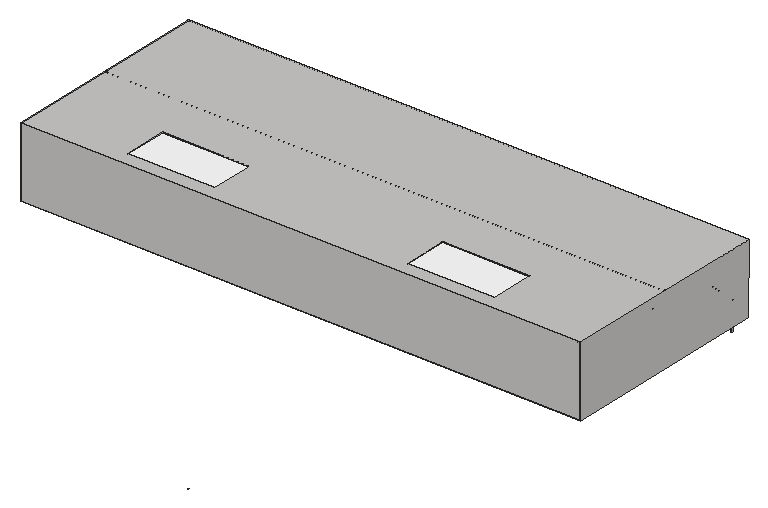
Revit family "QF_ELECTROLUXPROFESSIONAL_640193_EPF1232", category Attrezzature speciali, Revit 2021
Family settings
  Quota connettore circolare = Usa diametro
  Tipo di parte = Normale
  Basato su piano di lavoro = No
  Sempre verticale = Sì
  Taglio con vuoti quando caricato = No
  Condiviso = No
  Punto di calcolo locali = No
Parameters (values of type "Standard")
  Weight = 106.00 kg
  Watts = 0 W
  Volts = 0 V
  URL Manufacturer = "https://www.electroluxprofessional.com/"
  URL = "https://www.electroluxprofessional.com/"
  Steam Supply Size = 0 mm
  Steam Supply Minimum Pressure = 0.0 Pa
  Steam Supply Maximum Pressure = 0.0 Pa
  Steam Consumption per Hour = 0
  Refrigeration Suction Line Size = 0 mm
  Refrigeration Liquid Line Size = 0 mm
  Refrigerant Compressor Remote = yes
  Prospetto di default = 0 mm
  Produttore = "Electrolux Professional"
  Phase = 0
  Modello = "EPF1232"
  Length Actual = 3200 mm  # constant formula
  Item Number = "640193"
  Hot Water Size = 0 mm
  Height Actual = 400 mm  # constant formula
  HP = "0 HP"
  Gas Size = 0 mm
  Gas KW = 0
  Gas Input Pressure = 0 W
  Direct Waste Size = 0 mm
  Descrizione = "304 S/S WALL HOOD+FILTERS 320X120 CM"
  Depth Actual = 1200 mm  # constant formula
  Cycle = 0 Hz
  Condensate Return Size = 0 mm
  Compressed Air Volume = 0.0 L/s
  Compressed Air Size = 0 mm
  Compressed Air Pressure = 0.0 Pa
  Cold Water Size = 0 mm
  Accessory = yes
Reference planes
  plane 1: z = 0
  plane 2 "Center (Left/Right)": x = 150
  plane 3 "LEFT": x = -1450
  plane 4 "RIGHT": x = 1750
  plane 5 "BACK": y = 550
  plane 6 "TOP": z = 2400
  plane 7 "Base": z = 2000
  plane 8: z = 1970
  plane 9 "DrainY": y = 450
  plane 10: x = -1447
  plane 11: y = -320
  plane 12: y = -570
  plane 13 "DrainX": x = 1737
  plane 14 "AOLeft2": x = -400
  plane 15 "AORight1": x = 700
  plane 16: x = 1747
  plane 17: x = -1250
  plane 18: x = 1550
  plane 19 "Center (Front/Back)": y = -50
  plane 20 "Front": y = -650
  plane 21: through (0, -49.6, 2399.19) normal (0, -0.5736, 0.8192)
  plane 22: x = 50
  plane 23: x = 250
  plane 24 "AOLeft1": x = -900
  plane 25 "AORight2": x = 1200
Forms (mm)
  Extrusion 1, solid, material "QF_Finishes_Stainless Steel"
    sketch origin (-1450, 0, 360) x (0, 1, 0) y (0, 0, 1)
      loop
        line (550, 1640) -> (550, 2040) -> (-650, 2040) -> (-650, 1640) -> (550, 1640)
    from 0 to 3
  Extrusion 2, solid, material "QF_Finishes_Stainless Steel"
    sketch origin (1750, 0, 360) x (0, 1, 0) y (0, 0, 1)
      loop
        line (550, 1640) -> (550, 2040) -> (-650, 2040) -> (-650, 1640) -> (550, 1640)
    from 0 to -3
  Extrusion 3, solid, material "QF_Finishes_Stainless Steel"
    sketch origin (150, 0, 360) x (0, 1, 0) y (0, 0, 1)
      loop
        line (-650, 2040) -> (-650, 1640) -> (-640, 1640) -> (-640, 1640.8) -> (-649.2, 1640.8) -> (-649.2, 2039.19) -> (549.2, 2039.19) -> (549.2, 1640.8) -> (540, 1640.8) -> (540, 1640) -> (550, 1640) -> (550, 2040) -> (-650, 2040)
    from -1600 to 1600
  Extrusion 4, solid, material "QF_Finishes_Stainless Steel"
    sketch origin (0, 0, 2000) x (0, 1, 0) y (-1, 0, 0)
      loop
        circle (450, -1737) r 4.763
    from -30 to 0
  Extrusion 5, void
    sketch origin (0, 0, 2400) x (0, 1, 0) y (-1, 0, 0)
      loop
        line (-320, 400) -> (-320, 900) -> (-570, 900) -> (-570, 400) -> (-320, 400)
    from 0 to -10
  Extrusion 6, solid, material "QF_Finishes_Stainless Steel"
    sketch origin (0, 0, 0) x (1, 0, 0) y (0, 1, 0)
      loop
        line (-1450, 550) -> (-1450, 549) -> (-1449, 549) -> (-1449, 550) -> (-1450, 550)
    from 0 to 1
  Extrusion 7, solid, material "QF_Finishes_Stainless Steel"
    sketch origin (150, 0, 360) x (0, 1, 0) y (0, 0, 1)
      loop
        line (-131.515, 1981.832) -> (-134.381, 1985.926) -> (-573.276, 1678.608) -> (-570.553, 1674.415) -> (-131.515, 1981.832)
    from -1400 to -1597
  Extrusion 8, solid, material "QF_Finishes_Stainless Steel"
    sketch origin (150, 0, 360) x (0, 1, 0) y (0, 0, 1)
      loop
        line (-650, 2039.19) -> (-650, 1640) -> (-619.702, 1640) -> (-570.553, 1674.415) -> (-578.723, 1686.995) -> (-579.394, 1686.559) -> (-571.645, 1674.627) -> (-619.955, 1640.8) -> (-649.2, 1640.8) -> (-649.2, 2039.19) -> (-650, 2039.19)
      loop
        line (-49.6, 2039.19) -> (-50.995, 2039.19) -> (-131.319, 1982.947) -> (-139.464, 1994.578) -> (-140.119, 1994.12) -> (-131.515, 1981.832) -> (-49.6, 2039.19)
    from -1597 to 1597
  Extrusion 9, solid, material "QF_Finishes_Stainless Steel"
    sketch origin (150, 0, 360) x (0, 1, 0) y (0, 0, 1)
      loop
        line (-131.515, 1981.832) -> (-134.381, 1985.926) -> (-573.276, 1678.608) -> (-570.553, 1674.415) -> (-131.515, 1981.832)
    from 1597 to 1400
  Extrusion 10, solid, material "QF_Finishes_Stainless Steel"
    sketch origin (150, 0, 360) x (0, 1, 0) y (0, 0, 1)
      loop
        line (-131.515, 1981.832) -> (-134.381, 1985.926) -> (-573.276, 1678.608) -> (-570.553, 1674.415) -> (-131.515, 1981.832)
    from -100 to 100
  Extrusion 11, solid, material "QF_Finished_Chrome"
    sketch origin (150, 0, 360) x (0, 1, 0) y (0, 0, 1)
      loop
        line (-131.515, 1981.832) -> (-134.381, 1985.926) -> (-573.276, 1678.608) -> (-570.553, 1674.415) -> (-131.515, 1981.832)
    from -1400 to -100
  Extrusion 12, solid, material "QF_Finished_Chrome"
    sketch origin (150, 0, 360) x (0, 1, 0) y (0, 0, 1)
      loop
        line (-131.515, 1981.832) -> (-134.381, 1985.926) -> (-573.276, 1678.608) -> (-570.553, 1674.415) -> (-131.515, 1981.832)
    from 100 to 1400
  Sweep 13, solid, material "QF_Finishes_Stainless Steel"
    path origin (0, 0, 0) x (1, 0, 0) y (0, 1, 0)
      loop
        line (1750, 550) -> (-1450, 550) -> (-1450, -650) -> (1750, -650) -> (1750, 550)
    profile origin (1750, -50, 0) x (1, 0, 0) y (0, 0, 1)
      loop
        line (-3, 2000) -> (-3, 2000.8) -> (-19, 2000.8) -> (-19, 2010) -> (-20, 2010) -> (-20, 2000) -> (-3, 2000)
  Extrusion 14, solid, material "QF_Finishes_Stainless Steel"
    sketch origin (150, 0, 0) x (0, 1, 0) y (0, 0, 1)
      loop
        line (549.2, 2040.8) -> (549.2, 2041.877) -> (289.521, 2275.693) -> (-43.438, 2399.19) -> (-45.739, 2399.19) -> (289.099, 2274.996) -> (549.2, 2040.8)
    from -1597 to 1597
  Extrusion 15, void
    sketch origin (1134.605, 0, 2400) x (0, 1, 0) y (-1, 0, 0)
      loop
        line (-320, -65.395) -> (-320, 434.605) -> (-570, 434.605) -> (-570, -65.395) -> (-320, -65.395)
    from 0 to -10
Cuts and joins
  Extrusion 5, Extrusion 15 cuts Extrusion 3
  joined: Extrusion 2, Extrusion 3, Sweep 13
Lines and regions (mm)
  symbolic lines, style "SpecialityEquipment", detail levels coarse
    curve 1: line (1750, 550, 2400) -> (-1450, 550, 2400)
    curve 2: line (-1450, 550, 2400) -> (-1450, -650, 2400)
    curve 3: line (1750, -650, 2400) -> (1750, 550, 2400)
    curve 4: line (-1450, 550, 0) -> (1750, -650, 0)
    curve 5: line (1750, 550, 0) -> (-1450, -650, 0)
    curve 6: line (-1450, -650, 0) -> (1750, -650, 0)
    curve 7: line (-400, -320, 0) -> (-900, -320, 0)
    curve 8: line (-400, -570, 0) -> (-400, -320, 0)
    curve 9: line (-900, -570, 0) -> (-400, -570, 0)
    curve 10: line (-900, -320, 0) -> (-900, -570, 0)
    curve 11: line (700, -320, 0) -> (700, -570, 0)
    curve 12: line (1200, -320, 0) -> (700, -320, 0)
    curve 13: line (1200, -570, 0) -> (1200, -320, 0)
    curve 14: line (700, -570, 0) -> (1200, -570, 0)
Dimensions and locks
  plane 3 "LEFT" to plane 4 "RIGHT" = 3200 mm
  equal spacing: plane 3 "LEFT", plane 2 "Center (Left/Right)", plane 4 "RIGHT"
  plane 7 "Base" to plane 8 = 30 mm
  plane 5 "BACK" to plane 9 "DrainY" = 100 mm  (x2)
  plane 3 "LEFT" to plane 10 = 3 mm
  plane 13 "DrainX" to plane 4 "RIGHT" = 13 mm
  plane 16 to plane 4 "RIGHT" = 3 mm
  plane 3 "LEFT" to plane 17 = 200 mm
  plane 18 to plane 4 "RIGHT" = 200 mm
  locked: plane 14 "AOLeft2" to plane 15 "AORight1" at 1100
  equal spacing: plane 14 "AOLeft2", plane 2 "Center (Left/Right)", plane 15 "AORight1"
  locked: plane 7 "Base" to level at 2000
  locked: plane 6 "TOP" to plane 7 "Base" at 400
  plane 5 "BACK" to plane 20 "Front" = 1200 mm  (x2)
  equal spacing: plane 5 "BACK", plane 19 "Center (Front/Back)", plane 20 "Front"
  locked: plane 22 to plane 23 at 200
  equal spacing: plane 22, plane 2 "Center (Left/Right)", plane 23
  plane 12 to plane 20 "Front" = 80 mm
  locked: plane 11 to plane 12 at 250
  locked: plane 24 "AOLeft1" to plane 14 "AOLeft2" at 500
  locked: plane 15 "AORight1" to plane 25 "AORight2" at 500
  aligned and locked: level to plane 1
  aligned and locked: plane 4 "RIGHT" to Extrusion 3
  aligned and locked: Extrusion 3 to plane 3 "LEFT"
  aligned and locked: Extrusion 5 to plane 12
  aligned and locked: Extrusion 5 to plane 11
  aligned and locked: Extrusion 7 to plane 10
  aligned and locked: Extrusion 7 to plane 17
  aligned and locked: Extrusion 2 to plane 16
  aligned and locked: plane 16 to Extrusion 9
  aligned and locked: plane 18 to Extrusion 9
  aligned and locked: plane 23 to Extrusion 10
  aligned and locked: Extrusion 10 to plane 22
  aligned and locked: plane 22 to Extrusion 11
  aligned and locked: Extrusion 11 to plane 17
  aligned and locked: Extrusion 12 to plane 23
  aligned and locked: Extrusion 12 to plane 18
  aligned and locked: Extrusion 14 to plane 10
  aligned and locked: plane 16 to Extrusion 14
  aligned and locked: Extrusion 8 to plane 10
  aligned and locked: plane 16 to Extrusion 8
  aligned and locked: Extrusion 5 to plane 24 "AOLeft1"
  aligned and locked: Extrusion 5 to plane 14 "AOLeft2"
  aligned and locked: plane 25 "AORight2" to Extrusion 15
  aligned and locked: plane 15 "AORight1" to Extrusion 15
Automatic sketch dimensions
  Extrusion 1 sketch curve to plane 7 "Base" = 0 mm
  Extrusion 1 sketch curve to plane 20 "Front" = 0 mm
  Extrusion 1 sketch curve to plane 5 "BACK" = 0 mm
  Extrusion 1 sketch curve to plane 6 "TOP" = 0 mm
  Extrusion 2 sketch curve to plane 7 "Base" = 0 mm
  Extrusion 2 sketch curve to plane 20 "Front" = 0 mm
  Extrusion 2 sketch curve to plane 5 "BACK" = 0 mm
  Extrusion 2 sketch curve to plane 6 "TOP" = 0 mm
  Extrusion 3 sketch curve to plane 6 "TOP" = 0 mm
  Extrusion 3 sketch curve to plane 20 "Front" = 0 mm
  Extrusion 3 sketch curve to plane 7 "Base" = 0 mm  (x2)
  Extrusion 3 sketch curve to plane 5 "BACK" = 0 mm
  plane 20 "Front" to Extrusion 3 sketch curve = 0.8 mm
  Extrusion 3 sketch curve to Extrusion 3 sketch curve = 9.2 mm
  plane 7 "Base" to Extrusion 3 sketch curve = 0.8 mm  (x2)
  Extrusion 3 sketch curve to plane 5 "BACK" = 10 mm
  Extrusion 3 sketch curve to plane 5 "BACK" = 0.8 mm
  Extrusion 3 sketch curve to plane 6 "TOP" = 0.81 mm
  Extrusion 4 sketch curve to plane 9 "DrainY" = 0 mm
  Extrusion 4 sketch curve to plane 13 "DrainX" = 0 mm
  Extrusion 5 sketch curve to plane 12 = 0 mm
  plane 11 to Extrusion 5 sketch curve = 0 mm
  Extrusion 5 sketch curve to plane 14 "AOLeft2" = 0 mm
  Extrusion 5 sketch curve to plane 24 "AOLeft1" = 0 mm
  Extrusion 6 sketch curve to plane 3 "LEFT" = 0 mm
  Extrusion 6 sketch curve to plane 5 "BACK" = 0 mm
  plane 3 "LEFT" to Extrusion 6 sketch curve = 1 mm
  Extrusion 6 sketch curve to Extrusion 6 sketch curve = 1 mm
  Extrusion 7 sketch curve to plane 21 = 0 mm  (x2)
  Extrusion 7 sketch curve to plane 12 = 3.276 mm
  Extrusion 7 sketch curve to plane 12 = 0.553 mm
  Extrusion 7 sketch curve to plane 6 "TOP" = 54.074 mm
  Extrusion 7 sketch curve to plane 19 "Center (Front/Back)" = 84.381 mm
  Extrusion 8 sketch curve to plane 20 "Front" = 0 mm
  Extrusion 8 sketch curve to plane 7 "Base" = 0 mm
  Extrusion 8 sketch curve to plane 21 = 0 mm  (x4)
  plane 20 "Front" to Extrusion 8 sketch curve = 0.8 mm
  Extrusion 8 sketch curve to Extrusion 8 sketch curve = 0.252 mm
  Extrusion 8 sketch curve to plane 12 = 9.394 mm
  Extrusion 8 sketch curve to Extrusion 8 sketch curve = 0.671 mm
  Extrusion 8 sketch curve to plane 12 = 1.645 mm
  Extrusion 8 sketch curve to plane 12 = 0.553 mm
  Extrusion 8 sketch curve to plane 6 "TOP" = 45.88 mm
  Extrusion 8 sketch curve to plane 19 "Center (Front/Back)" = 90.119 mm
  Extrusion 8 sketch curve to plane 6 "TOP" = 45.422 mm
  Extrusion 8 sketch curve to plane 6 "TOP" = 57.053 mm
  Extrusion 8 sketch curve to plane 6 "TOP" = 0.81 mm  (x2)
  plane 7 "Base" to Extrusion 8 sketch curve = 0.8 mm
  Extrusion 8 sketch curve to Extrusion 8 sketch curve = 0.212 mm
  Extrusion 9 sketch curve to plane 21 = 0 mm  (x2)
  Extrusion 9 sketch curve to plane 12 = 3.276 mm
  Extrusion 9 sketch curve to plane 12 = 0.553 mm
  Extrusion 9 sketch curve to plane 6 "TOP" = 54.074 mm
  Extrusion 9 sketch curve to plane 19 "Center (Front/Back)" = 84.381 mm
  Extrusion 10 sketch curve to plane 21 = 0 mm  (x2)
  Extrusion 10 sketch curve to plane 12 = 3.276 mm
  Extrusion 10 sketch curve to plane 12 = 0.553 mm
  Extrusion 10 sketch curve to plane 6 "TOP" = 54.074 mm
  Extrusion 10 sketch curve to plane 19 "Center (Front/Back)" = 84.381 mm
  Extrusion 11 sketch curve to plane 21 = 0 mm  (x2)
  Extrusion 11 sketch curve to plane 12 = 3.276 mm
  Extrusion 11 sketch curve to plane 12 = 0.553 mm
  Extrusion 11 sketch curve to plane 6 "TOP" = 54.074 mm
  Extrusion 11 sketch curve to plane 19 "Center (Front/Back)" = 84.381 mm
  Extrusion 12 sketch curve to plane 21 = 0 mm  (x2)
  Extrusion 12 sketch curve to plane 12 = 3.276 mm
  Extrusion 12 sketch curve to plane 12 = 0.553 mm
  Extrusion 12 sketch curve to plane 6 "TOP" = 54.074 mm
  Extrusion 12 sketch curve to plane 19 "Center (Front/Back)" = 84.381 mm
  Sweep 13 sketch curve to plane 3 "LEFT" = 0 mm
  Sweep 13 sketch curve to plane 4 "RIGHT" = 0 mm
  Sweep 13 sketch curve to plane 20 "Front" = 0 mm
  Sweep 13 sketch curve to plane 5 "BACK" = 0 mm
  profile plane to Sweep 13 sketch curve = 20 mm
  Sweep 13 sketch curve to Sweep 13 sketch curve = 1 mm
  profile plane to Sweep 13 sketch curve = 3 mm
  level to Sweep 13 sketch curve = 2000 mm
  Sweep 13 sketch curve to Sweep 13 sketch curve = 0.8 mm
  Sweep 13 sketch curve to Sweep 13 sketch curve = 9.2 mm
  Extrusion 14 sketch curve to plane 6 "TOP" = 0.81 mm  (x2)
  plane 19 "Center (Front/Back)" to Extrusion 14 sketch curve = 6.562 mm
  Extrusion 14 sketch curve to plane 9 "DrainY" = 160.901 mm
  Extrusion 14 sketch curve to Extrusion 14 sketch curve = 0.422 mm
  Extrusion 14 sketch curve to plane 5 "BACK" = 0.8 mm
  Extrusion 14 sketch curve to plane 6 "TOP" = 124.307 mm
  Extrusion 14 sketch curve to Extrusion 14 sketch curve = 0.697 mm
  plane 7 "Base" to Extrusion 14 sketch curve = 41.877 mm
  Extrusion 14 sketch curve to Extrusion 14 sketch curve = 1.077 mm
  Extrusion 14 sketch curve to Extrusion 14 sketch curve = 2.3 mm
  Extrusion 15 sketch curve to plane 12 = 0 mm
  plane 11 to Extrusion 15 sketch curve = 0 mm
  Extrusion 15 sketch curve to plane 15 "AORight1" = 500 mm
  plane 23 to Extrusion 15 sketch curve = 450 mm
  curve 5 to plane 3 "LEFT" = 0 mm
  curve 4 to plane 3 "LEFT" = 0 mm
  curve 6 to plane 20 "Front" = 0 mm
  curve 5 to plane 4 "RIGHT" = 0 mm
  curve 6 to plane 4 "RIGHT" = 0 mm
  curve 5 to plane 5 "BACK" = 0 mm
  curve 4 to plane 5 "BACK" = 0 mm
  curve 2 to plane 3 "LEFT" = 0 mm
  curve 2 to plane 20 "Front" = 0 mm
  curve 3 to plane 4 "RIGHT" = 0 mm
  curve 3 to plane 20 "Front" = 0 mm
  curve 2 to plane 5 "BACK" = 0 mm
  plane 11 to curve 7 = 0 mm
  curve 7 to plane 24 "AOLeft1" = 0 mm
  curve 8 to plane 12 = 0 mm
  curve 8 to plane 14 "AOLeft2" = 0 mm
  plane 11 to curve 11 = 0 mm
  curve 11 to plane 15 "AORight1" = 0 mm
  curve 12 to plane 25 "AORight2" = 0 mm
  curve 13 to plane 12 = 0 mm
  radius of Extrusion 4 sketch curve = 4.763 mm
Connectors
  piping at (1737, 450, 1970), diameter 9.5
    settings: on Extrusion 4, index 1, connector inside diameter 609.6 mm, connector length 0 mm, flow factor 0, pipe flow 0.0 L/s, pressure drop 0.0 Pa, fitting loss kfactor 0, connector angle 0.00°, fixture units 0, engagement length 0 mm, angle of deflection 0.00°, flow configuration 1, flow direction 2, fitting loss method 0, system type 16, joint type 0, gender type 0, connector reference index -1, connector utility 0, adjustable connector no, is connector primary yes, connector description "Drain"
  hvac at (-650, -445, 2400)
    settings: on Extrusion 5, index 2, duct flow 0.0 L/s, flow factor 0, pres drop 0.0 Pa, loss coef 0, conn angle 0.00°, conn width 250 mm, conn height 500 mm, conn diameter 609.6 mm, duct sys type 3, conn prof type 1, flow config 1, flow direction 2, loss method 0, conn ref index -1, conn util no, is conn primary yes, conn desc "EXHAUST OUTLET"
  hvac at (950, -445, 2400)
    settings: on Extrusion 15, index 3, duct flow 0.0 L/s, flow factor 0, pres drop 0.0 Pa, loss coef 0, conn angle 0.00°, conn width 250 mm, conn height 500 mm, conn diameter 609.6 mm, duct sys type 3, conn prof type 1, flow config 1, flow direction 2, loss method 0, conn ref index -1, conn util no, is conn primary no, conn desc "EXHAUST OUTLET"
